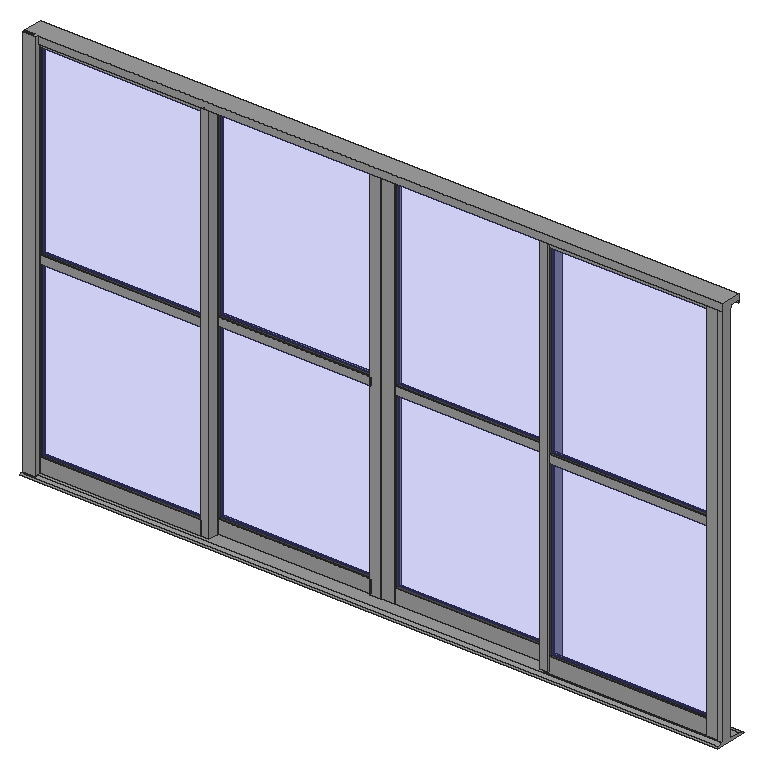
Revit family "MS-360-BIP-Door-CP", category Doors, Revit 2015
Parameters
  Wing Width [instance] = 3' - 0"
  Width [instance] = Center Wing Width * 2 + Wing Width * 2  # 12' - 0"
  URL = "obe.com"
  Offset [instance] = 0' - 0"
  Model = "MS-360-BIP-Door-CP"
  Min Wing Width [instance] = if(Wing Width > 3' 0", Wing Width, 3' 0")  # 3' - 0"
  Max Height [instance] = if(Height < 12' 0", Height, 12' 0")  # 7' - 0"
  Manufacturer = "Oldcastle BuildingEnvelope®"
  Keynote = "08 11 00"
  Height [instance] = 7' - 0"
  Description = "MS-360 - Multi-track Mall Slider - Bi-Parting"
  Center Wing Width [instance] = if(Wing Width > 3' 0", Wing Width, Min Wing Width)  # 3' - 0"
  Assembly Code = "B2030"
Reference planes (in)
  plane 1 "Front": y = 0
  plane 2: z = 0
  plane 3 "Center (Left/Right)": x = 0
  plane 4 "Left": x = -36
  plane 5 "Right": x = 36
  plane 6 "Top": z = 96
  plane 7: x = -72
  plane 8: x = 72
Text (in)
  text "Exterior" at (-54.29358, 31.38743, 0), in view "Ref. Level"
  text "Exterior" at (480, 41.53993, 89.60405), in view "Right"
  text "Exterior" at (-240, 57.82419, 105.78864), in view "Left"
Dimensions and locks (in)
  equal spacing: plane 4 "Left", plane 3 "Center (Left/Right)", plane 5 "Right"
  aligned and locked: level to plane 2
  aligned and locked: plane 3 "Center (Left/Right)" to nested 1
  aligned and locked: nested 1 to plane 1 "Front"
  aligned and locked: nested 1 to level
Nested families (in)
  nested 1: "MS-360-BIP-Door" at (0, 0, 0), Height <- "Height", Wing Width <- "Min Wing Width", Offset <- "Offset", type "MS-360-BIP-Door"
    with Wing Width 3' - 0", built-in parameter 1001301 12' - 0", Offset 0' - 0", Min Wing Width 3' - 0", Max Height 7' - 0", built-in parameter 1001300 7' - 0", Center Wing Width 3' - 0"
Definition of nested family "MS-360-BIP-Door"
  Parameters (values of type "MS-360-BIP-Door")
    Wing Width [instance] = 3' - 0"
    Width [instance] = Center Wing Width * 2 + Min Wing Width * 2  # 12' - 0"
    Pushbar Height = 3' - 5 1/4"  # constant formula
    Offset [instance] = 0' - 0"
    Min Wing Width [instance] = if(Wing Width > 3' 0", Wing Width, 3' 0")  # 3' - 0"
    Max Height [instance] = if(Height < 12' 0", Height, 12' 0")  # 7' - 0"
    Height [instance] = 7' - 0"
    Glass Material = none
    Gasket Material = none
    Frame Material = none
    Center Wing Width [instance] = if(Wing Width > 3' 0", Wing Width, Min Wing Width)  # 3' - 0"
  Reference planes (in)
    plane 1 "Center (Front/Back)": y = 0
    plane 2: z = 0
    plane 3 "Center (Left/Right)": x = 0
    plane 4 "Offset": y = 0
    plane 5: z = 84
    plane 6: z = 41.25
    plane 7: x = 36
    plane 8: x = -36
    plane 9: x = 72
    plane 10: x = -72
    plane 11: z = 3.406
    plane 12: z = 40.781
    plane 13: z = 41.843
    plane 14: z = 81.969
  Forms (in)
    Sweep 1, solid, material <- "Frame Material"
      path origin (0, 0, 0) x (-1, 0, 0) y (0, 0, 1)
        loop
          line (-74.15602, 0) -> (73.906, 0)
      profile origin (0.12501, 0, 0) x (0, 0, 1) y (0, 1, 0)
        loop
          line (0.5, 3.39618) -> (0.27143, 4.24923)
          arc (0.27143, 4.24923) -> (0.17106, 4.39943) -> (0, 4.4575) r 0.281
          line (0, 4.4575) -> (0, -2.3225)
          arc (0, -2.3225) -> (0.17106, -2.26443) -> (0.27143, -2.11423) r 0.281
          line (0.27143, -2.11423) -> (0.5, -1.26118) -> (0.5, 3.39618)
    Sweep 2, solid, material <- "Frame Material"
      path origin (0, 0, 0) x (-1, 0, 0) y (0, 0, 1)
        loop
          line (2.5625, 0) -> (36, 0)
      profile origin (-19.28125, 0, 0) x (0, 0, 1) y (0, 1, 0)
        loop
          line (3.688, 1.44922) -> (3.688, 2.01172) -> (3.406, 2.01172) -> (3.406, 2.26172) -> (3.688, 2.26172) -> (3.688, 2.82422) -> (0.688, 2.82422) -> (0.688, 1.44922) -> (3.688, 1.44922)
    Sweep 3, solid, material <- "Frame Material"
      path origin (0, 0, 0) x (-1, 0, 0) y (0, 0, 1)
        loop
          line (36.84401, 0) -> (71.156, 0)
      profile origin (-54.00001, 0, 0) x (0, 0, 1) y (0, 1, 0)
        loop
          line (3.688, 0.68922) -> (0.688, 0.68922) -> (0.688, -0.68578) -> (3.688, -0.68578) -> (3.688, -0.125) -> (3.406, -0.125) -> (3.406, 0.125) -> (3.688, 0.125) -> (3.688, 0.68922)
    Sweep 4, solid, material <- "Frame Material"
      path origin (0, 0, 0) x (-1, 0, 0) y (0, 0, 1)
        loop
          line (-72, 0) -> (-36, 0)
      profile origin (54, 0, 0) x (0, 0, 1) y (0, 1, 0)
        loop
          line (0.5, 0.6875) -> (0.5, -0.6875) -> (3.688, -0.6875) -> (3.688, -0.125) -> (3.406, -0.125) -> (3.406, 0.125) -> (3.688, 0.125) -> (3.688, 0.6875) -> (0.5, 0.6875)
    Sweep 5, solid, material <- "Frame Material"
      path origin (0, 0, 0) x (-1, 0, 0) y (0, 0, 1)
        loop
          line (-74.15602, 84) -> (73.906, 84)
      profile origin (0.12501, 0, 84) x (0, 0, 1) y (0, 1, 0)
        loop
          line (0, 3.2325) -> (-1.625, 3.2325) -> (-1.625, 3.1625) -> (-1.125, 3.1625) -> (-1.125, 1.1075) -> (-1.625, 1.1075) -> (-1.625, 1.0375) -> (-1.125, 1.0375) -> (-1.125, -1.0125) -> (-1.625, -1.0125) -> (-1.625, -1.0825) -> (0, -1.0825) -> (0, 3.2325)
    Sweep 6, solid, material <- "Frame Material"
      path origin (0, 0, 0) x (-1, 0, 0) y (0, 0, 1)
        loop
          line (-72, 84) -> (-36, 84)
      profile origin (54, 0, 84) x (0, 0, 1) y (0, 1, 0)
        loop
          line (-1.125, 0.9175) -> (-1.625, 0.9175) -> (-1.625, 0.6875) -> (-2.437, 0.6875) -> (-2.437, 0.125) -> (-2.031, 0.125) -> (-2.031, -0.125) -> (-2.437, -0.125) -> (-2.437, -0.6875) -> (-1.625, -0.6875) -> (-1.625, -0.9175) -> (-1.125, -0.9175) -> (-1.125, 0.9175)
    Sweep 7, solid, material <- "Frame Material"
      path origin (0, 0, 0) x (-1, 0, 0) y (0, 0, 1)
        loop
          line (-36, 84) -> (-0.31246, 84)
      profile origin (18.15623, 0, 84) x (0, 0, 1) y (0, 1, 0)
        loop
          line (-1.125, 3.05422) -> (-1.625, 3.05422) -> (-1.625, 2.82422) -> (-2.437, 2.82422) -> (-2.437, 2.26172) -> (-2.031, 2.26172) -> (-2.031, 2.01172) -> (-2.437, 2.01172) -> (-2.437, 1.44922) -> (-1.625, 1.44922) -> (-1.625, 1.21922) -> (-1.125, 1.21922) -> (-1.125, 3.05422)
    Sweep 8, solid, material <- "Frame Material"
      path origin (0, 0, 0) x (-1, 0, 0) y (0, 0, 1)
        loop
          line (36, 84) -> (72, 84)
      profile origin (-54, 0, 84) x (0, 0, 1) y (0, 1, 0)
        loop
          line (-1.125, 0.9175) -> (-1.625, 0.9175) -> (-1.625, 0.6875) -> (-2.437, 0.6875) -> (-2.437, 0.125) -> (-2.031, 0.125) -> (-2.031, -0.125) -> (-2.437, -0.125) -> (-2.437, -0.6875) -> (-1.625, -0.6875) -> (-1.625, -0.9175) -> (-1.125, -0.9175) -> (-1.125, 0.9175)
    Sweep 9, solid, material <- "Frame Material"
      path origin (0, 0, 0) x (-1, 0, 0) y (0, 0, 1)
        loop
          line (-72, 82.8125) -> (-72, 0.5)
      profile origin (72, 0, 41.65625) x (0, 1, 0) y (-1, 0, 0)
        loop
          line (0.125, 1) -> (-0.125, 1) -> (-0.125, 1.34401) -> (-0.695, 1.34401) -> (-0.695, 1.40602) -> (-0.75005, 1.40602) -> (-0.75005, -1.40601) -> (-0.62527, -1.40601) -> (-0.5675, -1.15579) -> (0.56267, -1.15579) -> (0.625, -0.90579) -> (0.75005, -0.90579) -> (0.75005, 1.40602) -> (0.69499, 1.40602) -> (0.69499, 1.34401) -> (0.125, 1.34401) -> (0.125, 1)
    Sweep 10, solid, material <- "Frame Material"
      path origin (0, 0, 0) x (-1, 0, 0) y (0, 0, 1)
        loop
          line (-72, 84) -> (-72, 0)
      profile origin (72, 0, 42) x (0, 1, 0) y (-1, 0, 0)
        loop
          line (0.62434, -1.03079) -> (0.56658, -1.28096) -> (0.36928, -1.28096) -> (-0.56305, -1.28096) -> (-0.62536, -1.5309) -> (-0.79998, -1.5309) -> (-0.79998, -1.03117) -> (-1.0001, -1.03117) -> (-1.0001, -2.15602) -> (0.99997, -2.15602) -> (0.99997, -1.03079) -> (0.62434, -1.03079)
    Sweep 11, solid, material <- "Frame Material"
      path origin (0, 0, 0) x (-1, 0, 0) y (0, 0, 1)
        loop
          line (72, 84) -> (72, 0)
      profile origin (-72, 0, 42) x (0, 1, 0) y (-1, 0, 0)
        loop
          line (-1.76, 1.906) -> (-1.76, -0.844) -> (-0.885, -0.844) -> (-0.885, 0.21895) -> (-1.01714, 0.21895) -> (-1.11786, -0.15695) -> (-1.385, -0.15695) -> (-1.385, 1.906) -> (-1.76, 1.906)
    Sweep 12, solid, material <- "Frame Material"
      path origin (0, 0, 0) x (-1, 0, 0) y (0, 0, 1)
        loop
          line (72, 82.875) -> (72, 0.688)
      profile origin (-72, 0, 41.7815) x (0, 1, 0) y (-1, 0, 0)
        loop
          line (0.75, -0.906) -> (0.75, 0.906) -> (-1.26118, 0.906) -> (-1.26118, -0.15695) -> (-1.11786, -0.15695) -> (-1.01714, 0.21895) -> (-0.75, 0.21895) -> (-0.75, -0.906) -> (-0.695, -0.906) -> (-0.695, -0.844) -> (-0.12328, -0.844) -> (-0.12328, -0.5) -> (0.12672, -0.5) -> (0.12672, -0.844) -> (0.695, -0.844) -> (0.695, -0.906) -> (0.75, -0.906)
    Sweep 13, solid, material <- "Frame Material"
      path origin (0, 0, 0) x (-1, 0, 0) y (0, 0, 1)
        loop
          line (36, 0.688) -> (36, 82.813)
      profile origin (-36, 0, 41.7505) x (1, 0, 0) y (0, 1, 0)
        loop
          line (0.90597, -0.75001) -> (0.90597, 1.24996) -> (-0.15695, 1.24996) -> (-0.15695, 1.11762) -> (0.2189, 1.01691) -> (0.2189, 0.74996) -> (-0.90605, 0.74996) -> (-0.90605, 0.69499) -> (-0.84401, 0.69499) -> (-0.84401, 0.125) -> (-0.5, 0.125) -> (-0.5, -0.125) -> (-0.84401, -0.125) -> (-0.84401, -0.69506) -> (-0.90605, -0.69506) -> (-0.90605, -0.75001) -> (0.90597, -0.75001)
    Sweep 14, solid, material <- "Frame Material"
      path origin (0, 0, 0) x (-1, 0, 0) y (0, 0, 1)
        loop
          line (36, 82.875) -> (36, 0.688)
      profile origin (-36, 0, 41.7815) x (0, 1, 0) y (-1, 0, 0)
        loop
          line (2.88673, 0.84403) -> (0.88676, 0.84403) -> (0.88676, -0.2189) -> (1.0191, -0.2189) -> (1.11981, 0.15696) -> (1.38676, 0.15696) -> (1.38676, -0.96799) -> (1.44173, -0.96799) -> (1.44173, -0.90596) -> (2.01172, -0.90596) -> (2.01172, -0.56194) -> (2.26172, -0.56194) -> (2.26172, -0.90596) -> (2.83178, -0.90596) -> (2.83178, -0.96799) -> (2.88673, -0.96799) -> (2.88673, 0.84403)
    Sweep 15, solid, material <- "Frame Material"
      path origin (0, 0, 0) x (1, 0, 0) y (0, 0, 1)
        loop
          line (36, 0.688) -> (36, 82.813)
      profile origin (36, 0, 41.7505) x (1, 0, 0) y (0, 1, 0)
        loop
          line (-0.90597, -0.75001) -> (0.90605, -0.75001) -> (0.90605, -0.69506) -> (0.84401, -0.69506) -> (0.84401, -0.125) -> (0.5, -0.125) -> (0.5, 0.125) -> (0.84401, 0.125) -> (0.84401, 0.69499) -> (0.90605, 0.69499) -> (0.90605, 0.74996) -> (-0.2189, 0.74996) -> (-0.2189, 1.01691) -> (0.15695, 1.11762) -> (0.15695, 1.24996) -> (-0.90597, 1.24996) -> (-0.90597, -0.75001)
    Sweep 16, solid, material <- "Frame Material"
      path origin (0, 0, 0) x (1, 0, 0) y (0, 0, 1)
        loop
          line (36, 82.875) -> (36, 0.688)
      profile origin (36, 0, 41.7815) x (0, 1, 0) y (-1, 0, 0)
        loop
          line (2.88673, -0.84403) -> (2.88673, 0.96799) -> (2.83178, 0.96799) -> (2.83178, 0.90596) -> (2.26172, 0.90596) -> (2.26172, 0.56194) -> (2.01172, 0.56194) -> (2.01172, 0.90596) -> (1.44173, 0.90596) -> (1.44173, 0.96799) -> (1.38676, 0.96799) -> (1.38676, -0.15696) -> (1.11981, -0.15696) -> (1.0191, 0.2189) -> (0.88676, 0.2189) -> (0.88676, -0.84403) -> (2.88673, -0.84403)
    Sweep 17, solid, material <- "Frame Material"
      path origin (0, 0, 0) x (-1, 0, 0) y (0, 0, 1)
        loop
          line (0, 82.375) -> (0, 0.6875)
      profile origin (0, 0, 41.53125) x (0, 1, 0) y (-1, 0, 0)
        loop
          line (2.26172, 2.21848) -> (2.01, 2.21848) -> (2.01, 2.5625) -> (1.44001, 2.5625) -> (1.44001, 2.6245) -> (1.38503, 2.6245) -> (1.38503, 0.31246) -> (1.51, 0.31246) -> (1.57195, 0.06246) -> (2.7031, 0.06246) -> (2.75997, -0.18757) -> (2.885, -0.18757) -> (2.885, 2.6245) -> (2.83004, 2.6245) -> (2.83004, 2.5625) -> (2.26172, 2.5625) -> (2.26172, 2.21848)
    Sweep 18, solid, material <- "Frame Material"
      path origin (0, 0, 0) x (1, 0, 0) y (0, 0, 1)
        loop
          line (0, 82.875) -> (0, 0.6875)
      profile origin (0, 0, 41.78125) x (0, 1, 0) y (-1, 0, 0)
        loop
          line (2.01, -2.21848) -> (2.26172, -2.21848) -> (2.26172, -2.5625) -> (2.83171, -2.5625) -> (2.83171, -2.6245) -> (2.88669, -2.6245) -> (2.88669, -0.31246) -> (2.76172, -0.31246) -> (2.69977, -0.06246) -> (1.56861, -0.06246) -> (1.51175, 0.18757) -> (1.38672, 0.18757) -> (1.38672, -2.6245) -> (1.44168, -2.6245) -> (1.44168, -2.5625) -> (2.01, -2.5625) -> (2.01, -2.21848)
    Sweep 19, solid, material <- "Frame Material"
      path origin (0, 0, 0) x (-1, 0, 0) y (0, 0, 1)
        loop
          line (0.06246, 84) -> (36, 84)
      profile origin (-18.03123, 0, 84) x (0, 0, 1) y (0, 1, 0)
        loop
          line (-1.125, 3.05422) -> (-1.625, 3.05422) -> (-1.625, 2.82422) -> (-2.437, 2.82422) -> (-2.437, 2.26172) -> (-2.031, 2.26172) -> (-2.031, 2.01172) -> (-2.437, 2.01172) -> (-2.437, 1.44922) -> (-1.625, 1.44922) -> (-1.625, 1.21922) -> (-1.125, 1.21922) -> (-1.125, 3.05422)
    Sweep 20, solid, material <- "Frame Material"
      path origin (0, 0, 0) x (-1, 0, 0) y (0, 0, 1)
        loop
          line (-35.09404, 0) -> (-2.5625, 0)
      profile origin (18.82827, 0, 0) x (0, 0, 1) y (0, 1, 0)
        loop
          line (3.688, 1.44922) -> (3.688, 2.01172) -> (3.406, 2.01172) -> (3.406, 2.26172) -> (3.688, 2.26172) -> (3.688, 2.82422) -> (0.688, 2.82422) -> (0.688, 1.44922) -> (3.688, 1.44922)
    Extrusion 21, solid, material <- "Glass Material"
      sketch origin (0, 0, 0) x (1, 0, 0) y (0, 1, 0)
        loop
          line (-71.5, 0.125) -> (-71.5, -0.125) -> (-36.5, -0.125) -> (-36.5, 0.125) -> (-71.5, 0.125)
      from 3.406 to 40.781
    Sweep 22, solid, material <- "Frame Material"
      path origin (0, 0, 0) x (-1, 0, 0) y (0, 0, 1)
        loop
          line (71.156, 41.25) -> (36.84401, 41.25)
      profile origin (-54.00001, 0, 41.25) x (0, 0, -1) y (0, 1, 0)
        loop
          line (-0.593, -0.125) -> (-0.875, -0.125) -> (-0.875, -0.6875) -> (0.875, -0.6875) -> (0.875, -0.125) -> (0.469, -0.125) -> (0.469, 0.125) -> (0.875, 0.125) -> (0.875, 0.6875) -> (-0.875, 0.6875) -> (-0.875, 0.125) -> (-0.593, 0.125) -> (-0.593, -0.125)
    Sweep 23, solid, material <- "Frame Material"
      path origin (0, 0, 0) x (-1, 0, 0) y (0, 0, 1)
        loop
          line (2.5625, 41.25) -> (35.09404, 41.25)
      profile origin (-18.82827, 0, 41.25) x (0, 0, 1) y (0, 1, 0)
        loop
          line (0.593, 2.01172) -> (0.593, 2.26172) -> (0.875, 2.26172) -> (0.875, 2.82422) -> (-0.875, 2.82422) -> (-0.875, 2.26172) -> (-0.469, 2.26172) -> (-0.469, 2.01172) -> (-0.875, 2.01172) -> (-0.875, 1.44922) -> (0.875, 1.44922) -> (0.875, 2.01172) -> (0.593, 2.01172)
    Sweep 24, solid, material <- "Frame Material"
      path origin (32, 0, 0) x (-1, 0, 0) y (0, 0, 1)
        loop
          line (-3.09404, 41.25) -> (29.4375, 41.25)
      profile origin (18.82827, 0, 41.25) x (0, 0, 1) y (0, 1, 0)
        loop
          line (0.593, 2.01172) -> (0.593, 2.26172) -> (0.875, 2.26172) -> (0.875, 2.82422) -> (-0.875, 2.82422) -> (-0.875, 2.26172) -> (-0.469, 2.26172) -> (-0.469, 2.01172) -> (-0.875, 2.01172) -> (-0.875, 1.44922) -> (0.875, 1.44922) -> (0.875, 2.01172) -> (0.593, 2.01172)
    Sweep 25, solid, material <- "Frame Material"
      path origin (66, 0, 0) x (-1, 0, 0) y (0, 0, 1)
        loop
          line (-6, 41.25) -> (30, 41.25)
      profile origin (54, 0, 41.25) x (0, 0, 1) y (0, 1, 0)
        loop
          line (0.593, -0.125) -> (0.593, 0.125) -> (0.875, 0.125) -> (0.875, 0.6875) -> (-0.875, 0.6875) -> (-0.875, 0.125) -> (-0.469, 0.125) -> (-0.469, -0.125) -> (-0.875, -0.125) -> (-0.875, -0.6875) -> (0.875, -0.6875) -> (0.875, -0.125) -> (0.593, -0.125)
    Extrusion 26, solid, material <- "Glass Material"
      sketch origin (0, 0, 0) x (1, 0, 0) y (0, 1, 0)
        loop
          line (-35.43806, 2.26172) -> (-35.43806, 2.01172) -> (-2.21848, 2.01172) -> (-2.21848, 2.26172) -> (-35.43806, 2.26172)
        loop
          line (2.21848, 2.26172) -> (2.21848, 2.01172) -> (35.43806, 2.01172) -> (35.43806, 2.26172) -> (2.21848, 2.26172)
      from 3.406 to 40.781
    Extrusion 27, solid, material <- "Glass Material"
      sketch origin (0, 0, 0) x (1, 0, 0) y (0, 1, 0)
        loop
          line (36.5, 0.125) -> (36.5, -0.125) -> (71, -0.125) -> (71, 0.125) -> (36.5, 0.125)
      from 3.406 to 40.781
    Extrusion 28, solid, material <- "Glass Material"
      sketch origin (0, 0, 0) x (1, 0, 0) y (0, 1, 0)
        loop
          line (-36.5, 0.125) -> (-71.5, 0.125) -> (-71.5, -0.125) -> (-36.5, -0.125) -> (-36.5, 0.125)
        loop
          line (71, 0.125) -> (36.5, 0.125) -> (36.5, -0.125) -> (71, -0.125) -> (71, 0.125)
      from 41.843 to 81.969
    Extrusion 29, solid, material <- "Glass Material"
      sketch origin (0, 0, 0) x (1, 0, 0) y (0, 1, 0)
        loop
          line (-2.21848, 2.26172) -> (-35.43806, 2.26172) -> (-35.43806, 2.01172) -> (-2.21848, 2.01172) -> (-2.21848, 2.26172)
        loop
          line (2.21848, 2.26172) -> (2.21848, 2.01172) -> (35.43806, 2.01172) -> (35.43806, 2.26172) -> (2.21848, 2.26172)
      from 41.843 to 81.969
    Sweep 30, solid, material <- "Gasket Material"
      path origin (0, 0, 0) x (-1, 0, 0) y (0, 0, 1)
        loop
          line (-71.0625, 81.969) -> (-71.0625, 41.71875) -> (-36.4375, 41.71875) -> (-36.4375, 81.969) -> (-71.0625, 81.969)
      profile origin (53.75, 0, 81.969) x (0, 0, 1) y (0, 1, 0)
        loop
          line (-0.406, 0.4435) -> (-0.54804, 0.125) -> (-0.406, 0.125) -> (-0.406, 0.4435)
        loop
          line (-0.54804, -0.125) -> (-0.406, -0.4435) -> (-0.406, -0.125) -> (-0.54804, -0.125)
    Sweep 31, solid, material <- "Gasket Material"
      path origin (0, 0, 0) x (-1, 0, 0) y (0, 0, 1)
        loop
          line (-35.5, 81.969) -> (-35.5, 41.71875) -> (-2.1565, 41.71875) -> (-2.1565, 81.969) -> (-35.5, 81.969)
      profile origin (18.82825, 0, 81.969) x (0, 0, 1) y (0, 1, 0)
        loop
          line (-0.406, 2.58022) -> (-0.54804, 2.26172) -> (-0.406, 2.26172) -> (-0.406, 2.58022)
        loop
          line (-0.54804, 2.01172) -> (-0.406, 1.69322) -> (-0.406, 2.01172) -> (-0.54804, 2.01172)
    Sweep 32, solid, material <- "Gasket Material"
      path origin (-37.65655, 0, 0) x (-1, 0, 0) y (0, 0, 1)
        loop
          line (-35.5, 81.969) -> (-35.5, 41.71875) -> (-2.1565, 41.71875) -> (-2.1565, 81.969) -> (-35.5, 81.969)
      profile origin (-18.8283, 0, 81.969) x (0, 0, 1) y (0, 1, 0)
        loop
          line (-0.406, 2.58022) -> (-0.54804, 2.26172) -> (-0.406, 2.26172) -> (-0.406, 2.58022)
        loop
          line (-0.54804, 2.01172) -> (-0.406, 1.69322) -> (-0.406, 2.01172) -> (-0.54804, 2.01172)
    Sweep 33, solid, material <- "Gasket Material"
      path origin (0, 0, 0) x (-1, 0, 0) y (0, 0, 1)
        loop
          line (36.43725, 81.969) -> (36.43725, 41.71875) -> (71.562, 41.71875) -> (71.562, 81.969) -> (36.43725, 81.969)
      profile origin (-53.99963, 0, 81.969) x (0, 0, 1) y (0, 1, 0)
        loop
          line (-0.406, 0.4435) -> (-0.54804, 0.125) -> (-0.406, 0.125) -> (-0.406, 0.4435)
        loop
          line (-0.54804, -0.125) -> (-0.406, -0.4435) -> (-0.406, -0.125) -> (-0.54804, -0.125)
    Sweep 34, solid, material <- "Gasket Material"
      path origin (0, 0, 0) x (-1, 0, 0) y (0, 0, 1)
        loop
          line (35.9685, 41.25) -> (35.9685, 2.81225) -> (72.03075, 2.81225) -> (72.03075, 41.25) -> (35.9685, 41.25)
      profile origin (-53.99963, 0, 41.25) x (0, 0, 1) y (0, 1, 0)
        loop
          line (-0.875, 0.4435) -> (-1.01704, 0.125) -> (-0.875, 0.125) -> (-0.875, 0.4435)
        loop
          line (-1.01704, -0.125) -> (-0.875, -0.4435) -> (-0.875, -0.125) -> (-1.01704, -0.125)
    Sweep 35, solid, material <- "Gasket Material"
      path origin (0, 0, 0) x (-1, 0, 0) y (0, 0, 1)
        loop
          line (1.6878, 41.25) -> (1.6878, 2.81225) -> (35.96879, 2.81225) -> (35.96879, 41.25) -> (1.6878, 41.25)
      profile origin (-18.8283, 0, 41.25) x (0, 0, 1) y (0, 1, 0)
        loop
          line (-0.875, 2.58022) -> (-1.01704, 2.26172) -> (-0.875, 2.26172) -> (-0.875, 2.58022)
        loop
          line (-1.01704, 2.01172) -> (-0.875, 1.69322) -> (-0.875, 2.01172) -> (-1.01704, 2.01172)
    Sweep 36, solid, material <- "Gasket Material"
      path origin (37.6563, 0, 0) x (-1, 0, 0) y (0, 0, 1)
        loop
          line (1.6878, 41.25) -> (1.6878, 2.81225) -> (35.96879, 2.81225) -> (35.96879, 41.25) -> (1.6878, 41.25)
      profile origin (18.828, 0, 41.25) x (0, 0, 1) y (0, 1, 0)
        loop
          line (-0.875, 2.58022) -> (-1.01704, 2.26172) -> (-0.875, 2.26172) -> (-0.875, 2.58022)
        loop
          line (-1.01704, 2.01172) -> (-0.875, 1.69322) -> (-0.875, 2.01172) -> (-1.01704, 2.01172)
    Sweep 37, solid, material <- "Gasket Material"
      path origin (107.4995, 0, 0) x (-1, 0, 0) y (0, 0, 1)
        loop
          line (35.9685, 41.25) -> (35.9685, 2.81225) -> (71.53075, 2.81225) -> (71.53075, 41.25) -> (35.9685, 41.25)
      profile origin (53.74987, 0, 41.25) x (0, 0, 1) y (0, 1, 0)
        loop
          line (-0.875, 0.4435) -> (-1.01704, 0.125) -> (-0.875, 0.125) -> (-0.875, 0.4435)
        loop
          line (-1.01704, -0.125) -> (-0.875, -0.4435) -> (-0.875, -0.125) -> (-1.01704, -0.125)
  Cuts and joins
    joined: Sweep 1, Sweep 5, Sweep 10, Sweep 11
    joined: Sweep 4, Sweep 6, Sweep 9, Sweep 15, Sweep 25
    joined: Sweep 7, Sweep 16, Sweep 18, Sweep 20, Sweep 24
    joined: Sweep 2, Sweep 14, Sweep 19, Sweep 23
    joined: Sweep 8, Sweep 12, Sweep 13, Sweep 22
  Dimensions and locks (in)
    "Offset": plane 4 "Offset" to plane 1 "Center (Front/Back)"
    "Pushbar Height": plane 6 to level
    "Max Height": plane 5 to level
    "Center Wing Width": plane 8 to plane 3 "Center (Left/Right)"
    "Center Wing Width": plane 3 "Center (Left/Right)" to plane 7
    "Min Wing Width": plane 10 to plane 8
    "Min Wing Width": plane 7 to plane 9
    equal spacing: plane 10, plane 3 "Center (Left/Right)", plane 9
    locked: Sweep 1 sketch curve to plane 9 at 2.15602
    locked: Sweep 5 sketch curve to plane 9 at 2.15602
    locked: Sweep 9 sketch curve to plane 5 at 1.1875
    locked: Sweep 1 sketch curve to plane 10 at 1.906
    locked: Sweep 5 sketch curve to plane 10 at 1.906
    locked: level to Sweep 12 sketch curve at 0.688
    locked: Sweep 12 sketch curve to plane 5 at 1.125
    locked: Sweep 13 sketch curve to plane 5 at 1.187
    locked: Sweep 14 sketch curve to plane 5 at 1.125
    locked: level to Sweep 14 sketch curve at 0.688
    locked: level to Sweep 13 sketch curve at 0.688
    locked: Sweep 15 sketch curve to plane 5 at 1.187
    locked: level to Sweep 15 sketch curve at 0.688
    locked: Sweep 16 sketch curve to plane 5 at 1.125
    locked: level to Sweep 16 sketch curve at 0.688
    locked: Sweep 17 sketch curve to plane 5 at 1.625
    locked: level to Sweep 17 sketch curve at 0.6875
    locked: Sweep 18 sketch curve to plane 5 at 1.125
    locked: level to Sweep 18 sketch curve at 0.6875
    locked: plane 3 "Center (Left/Right)" to Sweep 19 sketch curve at 0.06246
    locked: Sweep 7 sketch curve to plane 3 "Center (Left/Right)" at 0.31246
    locked: Sweep 20 sketch curve to plane 3 "Center (Left/Right)" at 2.5625
    locked: plane 3 "Center (Left/Right)" to Sweep 2 sketch curve at 2.5625
    locked: plane 10 to Extrusion 21 sketch curve at 0.5
    locked: Extrusion 21 sketch curve to plane 8 at 0.5
    Extrusion 21 sketch curve to plane 4 "Offset" to Extrusion 21 sketch curve = 0' - 0 1/8" locked, 0' - 0 1/8" locked
    locked: plane 11 to level at 3.406
    plane 13 to plane 6 to plane 12 = 0' - 0.593" locked, 0' - 0.469" locked
    locked: plane 3 "Center (Left/Right)" to Sweep 23 sketch curve at 2.5625
    locked: Sweep 24 sketch curve to plane 3 "Center (Left/Right)" at 2.5625
    Extrusion 26 sketch curve to Extrusion 26 sketch curve to plane 4 "Offset" = 0' - 0 1/4" locked, 0' - 2 3/256" locked  (x2)
    locked: plane 8 to Extrusion 26 sketch curve at 0.56194
    Extrusion 26 sketch curve to plane 3 "Center (Left/Right)" to Extrusion 26 sketch curve = 0' - 2.21848" locked, 0' - 2.21848" locked
    locked: Extrusion 26 sketch curve to plane 7 at 0.56194
    Extrusion 27 sketch curve to plane 4 "Offset" to Extrusion 27 sketch curve = 0' - 0 1/8" locked, 0' - 0 1/8" locked
    locked: Extrusion 27 sketch curve to plane 9 at 1
    locked: plane 7 to Extrusion 27 sketch curve at 0.5
    Extrusion 28 sketch curve to plane 4 "Offset" to Extrusion 28 sketch curve = 0' - 0 1/8" locked, 0' - 0 1/8" locked  (x2)
    locked: plane 10 to Extrusion 28 sketch curve at 0.5
    locked: Extrusion 28 sketch curve to plane 8 at 0.5
    locked: plane 7 to Extrusion 28 sketch curve at 0.5
    locked: Extrusion 28 sketch curve to plane 9 at 1
    locked: plane 5 to plane 14 at 2.031
    Extrusion 29 sketch curve to Extrusion 29 sketch curve to plane 4 "Offset" = 0' - 0 1/4" locked, 0' - 2 3/256" locked  (x2)
    locked: Extrusion 29 sketch curve to plane 7 at 0.56194
    Extrusion 29 sketch curve to plane 3 "Center (Left/Right)" to Extrusion 29 sketch curve = 0' - 2.21848" locked, 0' - 2.21848" locked
    locked: plane 8 to Extrusion 29 sketch curve at 0.56194
    locked: plane 6 to Sweep 30 sketch curve at 0.46875
    locked: Sweep 30 sketch curve to plane 7 at 0.4375
    locked: plane 9 to Sweep 30 sketch curve at 0.9375
    locked: plane 7 to Sweep 31 sketch curve at 0.5
    locked: Sweep 31 sketch curve to plane 3 "Center (Left/Right)" at 2.1565
    locked: plane 6 to Sweep 31 sketch curve at 0.46875
    locked: plane 8 to Sweep 32 sketch curve at 0.49996
    locked: plane 3 "Center (Left/Right)" to Sweep 32 sketch curve at 2.15655
    locked: plane 6 to Sweep 32 sketch curve at 0.46875
    locked: plane 10 to Sweep 33 sketch curve at 0.438
    locked: Sweep 33 sketch curve to plane 8 at 0.43725
    locked: level to Sweep 34 sketch curve at 2.81225
    locked: plane 8 to Sweep 34 sketch curve at 0.0315
    locked: Sweep 34 sketch curve to plane 10 at 0.03075
    locked: plane 8 to Sweep 35 sketch curve at 0.03121
    locked: level to Sweep 35 sketch curve at 2.81225
    locked: plane 3 "Center (Left/Right)" to Sweep 35 sketch curve at 1.6878
    locked: Sweep 36 sketch curve to plane 3 "Center (Left/Right)" at 1.6875
    locked: plane 7 to Sweep 36 sketch curve at 0.0315
    locked: level to Sweep 36 sketch curve at 2.81225
    locked: plane 7 to Sweep 37 sketch curve at 0.03125
    locked: plane 10 to Sweep 22 sketch curve at 0.844
    locked: Sweep 22 sketch curve to plane 8 at 0.84401
    locked: plane 10 to Sweep 3 sketch curve at 0.844
    locked: Sweep 3 sketch curve to plane 8 at 0.84401
    locked: plane 7 to Sweep 24 sketch curve at 0.90596
    locked: plane 8 to Sweep 23 sketch curve at 0.90596
    locked: plane 7 to Sweep 20 sketch curve at 0.90596
    aligned and locked: level to plane 2
    aligned and locked: Sweep 1 sketch curve to level
    aligned and locked: Sweep 2 sketch curve to level
    aligned and locked: Sweep 2 sketch curve to plane 8
    aligned and locked: Sweep 3 sketch curve to level
    aligned and locked: Sweep 4 sketch curve to level
    aligned and locked: plane 9 to Sweep 4 sketch curve
    aligned and locked: plane 7 to Sweep 4 sketch curve
    aligned and locked: Sweep 5 sketch curve to plane 5
    aligned and locked: Sweep 6 sketch curve to plane 5
    aligned and locked: plane 9 to Sweep 6 sketch curve
    aligned and locked: plane 7 to Sweep 6 sketch curve
    aligned and locked: Sweep 7 sketch curve to plane 5
    aligned and locked: plane 7 to Sweep 7 sketch curve
    aligned and locked: Sweep 8 sketch curve to plane 5
    aligned and locked: plane 10 to Sweep 8 sketch curve
    aligned and locked: plane 8 to Sweep 8 sketch curve
    aligned and locked: plane 9 to Sweep 9 sketch curve
    aligned and locked: plane 9 to Sweep 10 sketch curve
    aligned and locked: level to Sweep 10 sketch curve
    aligned and locked: plane 5 to Sweep 10 sketch curve
    aligned and locked: Sweep 11 sketch curve to plane 10
    aligned and locked: plane 5 to Sweep 11 sketch curve
    aligned and locked: level to Sweep 11 sketch curve
    aligned and locked: Sweep 12 sketch curve to plane 10
    aligned and locked: plane 8 to Sweep 13 sketch curve
    aligned and locked: Sweep 14 sketch curve to plane 8
    aligned and locked: Sweep 15 sketch curve to plane 7
    aligned and locked: plane 7 to Sweep 16 sketch curve
    aligned and locked: plane 3 "Center (Left/Right)" to Sweep 17 sketch curve
    aligned and locked: plane 3 "Center (Left/Right)" to Sweep 18 sketch curve
    aligned and locked: Sweep 19 sketch curve to plane 5
    aligned and locked: plane 8 to Sweep 19 sketch curve
    aligned and locked: Sweep 20 sketch curve to level
    aligned and locked: Extrusion 21 to plane 11
    aligned and locked: plane 12 to Extrusion 21
    aligned and locked: plane 6 to Sweep 22 sketch curve
    aligned and locked: Sweep 23 sketch curve to plane 6
    aligned and locked: Sweep 24 sketch curve to plane 6
    aligned and locked: Sweep 25 sketch curve to plane 6
    aligned and locked: plane 9 to Sweep 25 sketch curve
    aligned and locked: plane 7 to Sweep 25 sketch curve
    aligned and locked: Extrusion 26 to plane 11
    aligned and locked: plane 12 to Extrusion 26
    aligned and locked: Extrusion 27 to plane 11
    aligned and locked: plane 12 to Extrusion 27
    aligned and locked: Extrusion 28 to plane 13
    aligned and locked: plane 14 to Extrusion 28
    aligned and locked: Extrusion 29 to plane 13
    aligned and locked: plane 14 to Extrusion 29
    aligned and locked: plane 14 to Sweep 30 sketch curve
    aligned and locked: plane 14 to Sweep 31 sketch curve
    aligned and locked: plane 14 to Sweep 32 sketch curve
    aligned and locked: plane 14 to Sweep 33 sketch curve
    aligned and locked: Sweep 34 sketch curve to plane 6
    aligned and locked: Sweep 35 sketch curve to plane 6
    aligned and locked: Sweep 36 sketch curve to plane 6
    aligned and locked: Sweep 37 sketch curve to plane 6
  Automatic sketch dimensions
    profile plane to Sweep 1 sketch curve = 0' - 0"
    Sweep 1 sketch curve to profile plane = 0' - 0.27143"  (x2)
    Sweep 1 sketch curve to profile plane = 0' - 0 1/2"
    Sweep 1 sketch curve to plane 4 "Offset" = 0' - 2.3225"
    Sweep 1 sketch curve to Sweep 1 sketch curve = 0' - 0.20827"
    Sweep 1 sketch curve to Sweep 1 sketch curve = 0' - 0.85305"
    plane 4 "Offset" to Sweep 1 sketch curve = 0' - 3.39618"
    Sweep 1 sketch curve to Sweep 1 sketch curve = 0' - 0.78032"
    Sweep 1 sketch curve to Sweep 1 sketch curve = 0' - 0.07273"
    Sweep 2 sketch curve to profile plane = 0' - 0.688"
    Sweep 2 sketch curve to Sweep 2 sketch curve = 0' - 2.718"
    Sweep 2 sketch curve to Sweep 2 sketch curve = 0' - 0.282"  (x2)
    plane 4 "Offset" to Sweep 2 sketch curve = 0' - 1 115/256"
    Sweep 2 sketch curve to Sweep 2 sketch curve = 0' - 0 9/16"  (x2)
    Sweep 2 sketch curve to Sweep 2 sketch curve = 0' - 0 1/4"
    Sweep 3 sketch curve to profile plane = 0' - 0.688"
    Sweep 3 sketch curve to plane 4 "Offset" = 0' - 0 1/8"
    Sweep 3 sketch curve to Sweep 3 sketch curve = 0' - 2.718"
    Sweep 3 sketch curve to Sweep 3 sketch curve = 0' - 0.282"  (x2)
    Sweep 3 sketch curve to plane 4 "Offset" = 0' - 0.68578"
    plane 4 "Offset" to Sweep 3 sketch curve = 0' - 0 1/8"
    plane 4 "Offset" to Sweep 3 sketch curve = 0' - 0.68922"
    Sweep 4 sketch curve to profile plane = 0' - 0 1/2"
    plane 4 "Offset" to Sweep 4 sketch curve = 0' - 0 1/8"
    Sweep 4 sketch curve to Sweep 4 sketch curve = 0' - 2.906"
    Sweep 4 sketch curve to Sweep 4 sketch curve = 0' - 0.282"
    Sweep 4 sketch curve to Sweep 4 sketch curve = 0' - 0"
    Sweep 4 sketch curve to plane 4 "Offset" = 0' - 0 1/8"
    Sweep 4 sketch curve to plane 4 "Offset" = 0' - 0 11/16"
    Sweep 4 sketch curve to Sweep 4 sketch curve = 0' - 0 9/16"
    profile plane to Sweep 5 sketch curve = 0' - 0"
    profile plane to Sweep 5 sketch curve = 0' - 1 1/8"  (x2)
    Sweep 5 sketch curve to Sweep 5 sketch curve = 0' - 0 1/2"  (x3)
    Sweep 5 sketch curve to plane 4 "Offset" = 0' - 1.0825"
    Sweep 5 sketch curve to Sweep 5 sketch curve = 0' - 0.07"  (x3)
    plane 4 "Offset" to Sweep 5 sketch curve = 0' - 1.0375"
    Sweep 5 sketch curve to Sweep 5 sketch curve = 0' - 2.055"
    Sweep 6 sketch curve to plane 4 "Offset" = 0' - 0 1/8"
    profile plane to Sweep 6 sketch curve = 0' - 2.437"
    plane 4 "Offset" to Sweep 6 sketch curve = 0' - 0 1/8"
    Sweep 6 sketch curve to Sweep 6 sketch curve = 0' - 0"
    Sweep 6 sketch curve to Sweep 6 sketch curve = 0' - 0.406"
    Sweep 6 sketch curve to Sweep 6 sketch curve = 0' - 0.812"  (x2)
    Sweep 6 sketch curve to Sweep 6 sketch curve = 0' - 0 1/2"
    Sweep 6 sketch curve to plane 4 "Offset" = 0' - 0 11/16"
    Sweep 6 sketch curve to Sweep 6 sketch curve = 0' - 0.23"  (x2)
    Sweep 6 sketch curve to Sweep 6 sketch curve = 0' - 0 9/16"
    profile plane to Sweep 7 sketch curve = 0' - 2.437"
    Sweep 7 sketch curve to Sweep 7 sketch curve = 0' - 0"
    Sweep 7 sketch curve to Sweep 7 sketch curve = 0' - 0.406"
    Sweep 7 sketch curve to Sweep 7 sketch curve = 0' - 0.812"  (x2)
    Sweep 7 sketch curve to Sweep 7 sketch curve = 0' - 0 1/2"
    plane 4 "Offset" to Sweep 7 sketch curve = 0' - 1.21922"
    Sweep 7 sketch curve to Sweep 7 sketch curve = 0' - 0.23"  (x2)
    Sweep 7 sketch curve to Sweep 7 sketch curve = 0' - 0 9/16"  (x2)
    Sweep 7 sketch curve to Sweep 7 sketch curve = 0' - 0 1/4"
    Sweep 8 sketch curve to plane 4 "Offset" = 0' - 0 1/8"
    profile plane to Sweep 8 sketch curve = 0' - 2.437"
    plane 4 "Offset" to Sweep 8 sketch curve = 0' - 0 1/8"
    Sweep 8 sketch curve to Sweep 8 sketch curve = 0' - 0"
    Sweep 8 sketch curve to Sweep 8 sketch curve = 0' - 0.406"
    Sweep 8 sketch curve to Sweep 8 sketch curve = 0' - 0.812"  (x2)
    Sweep 8 sketch curve to Sweep 8 sketch curve = 0' - 0 1/2"
    Sweep 8 sketch curve to plane 4 "Offset" = 0' - 0 11/16"
    Sweep 8 sketch curve to Sweep 8 sketch curve = 0' - 0.23"  (x2)
    Sweep 8 sketch curve to Sweep 8 sketch curve = 0' - 0 9/16"
    level to Sweep 9 sketch curve = 0' - 0 1/2"
    Sweep 9 sketch curve to plane 4 "Offset" = 0' - 0.75005"
    Sweep 9 sketch curve to Sweep 9 sketch curve = 0' - 0.05506"
    Sweep 9 sketch curve to Sweep 9 sketch curve = 0' - 0.12478"
    Sweep 9 sketch curve to Sweep 9 sketch curve = 0' - 0.05777"
    Sweep 9 sketch curve to plane 4 "Offset" = 0' - 0 1/8"
    plane 4 "Offset" to Sweep 9 sketch curve = 0' - 0 1/8"
    plane 4 "Offset" to Sweep 9 sketch curve = 0' - 0.56267"
    Sweep 9 sketch curve to Sweep 9 sketch curve = 0' - 0.06233"
    Sweep 9 sketch curve to Sweep 9 sketch curve = 0' - 0.56999"
    Sweep 9 sketch curve to Sweep 9 sketch curve = 0' - 0.12505"
    profile plane to Sweep 9 sketch curve = 0' - 1.40601"
    Sweep 9 sketch curve to Sweep 9 sketch curve = 0' - 0.25022"
    Sweep 9 sketch curve to Sweep 9 sketch curve = 0' - 0 1/4"
    Sweep 9 sketch curve to profile plane = 0' - 1"
    Sweep 9 sketch curve to Sweep 9 sketch curve = 0' - 0.34401"
    Sweep 9 sketch curve to Sweep 9 sketch curve = 0' - 0"
    Sweep 9 sketch curve to Sweep 9 sketch curve = 0' - 0.06201"  (x2)
    Sweep 10 sketch curve to plane 4 "Offset" = 0' - 1.0001"
    Sweep 10 sketch curve to Sweep 10 sketch curve = 0' - 0.20012"
    Sweep 10 sketch curve to Sweep 10 sketch curve = 0' - 0.17462"
    Sweep 10 sketch curve to Sweep 10 sketch curve = 0' - 0.06232"
    plane 4 "Offset" to Sweep 10 sketch curve = 0' - 0.36928"
    Sweep 10 sketch curve to Sweep 10 sketch curve = 0' - 0.1973"
    Sweep 10 sketch curve to Sweep 10 sketch curve = 0' - 0.05776"
    Sweep 10 sketch curve to Sweep 10 sketch curve = 0' - 0.37563"
    profile plane to Sweep 10 sketch curve = 0' - 2.15602"
    Sweep 10 sketch curve to Sweep 10 sketch curve = 0' - 0.62512"
    Sweep 10 sketch curve to Sweep 10 sketch curve = 0' - 0.87506"
    Sweep 10 sketch curve to Sweep 10 sketch curve = 0' - 0.24979"
    Sweep 10 sketch curve to Sweep 10 sketch curve = 0' - 0.25017"
    profile plane to Sweep 11 sketch curve = 0' - 0.844"
    Sweep 11 sketch curve to plane 4 "Offset" = 0' - 1.76"
    profile plane to Sweep 11 sketch curve = 0' - 0.15695"
    Sweep 11 sketch curve to Sweep 11 sketch curve = 0' - 0 3/8"
    Sweep 11 sketch curve to Sweep 11 sketch curve = 0' - 0.26714"
    Sweep 11 sketch curve to Sweep 11 sketch curve = 0' - 0.10072"
    Sweep 11 sketch curve to Sweep 11 sketch curve = 0' - 0.23286"
    Sweep 11 sketch curve to profile plane = 0' - 0.21895"
    Sweep 11 sketch curve to Sweep 11 sketch curve = 0' - 1.68705"
    profile plane to Sweep 12 sketch curve = 0' - 0.15695"
    Sweep 12 sketch curve to plane 4 "Offset" = 0' - 1.26118"
    Sweep 12 sketch curve to Sweep 12 sketch curve = 0' - 0.14332"
    Sweep 12 sketch curve to profile plane = 0' - 0.21895"
    Sweep 12 sketch curve to Sweep 12 sketch curve = 0' - 0.10072"
    Sweep 12 sketch curve to Sweep 12 sketch curve = 0' - 0.26714"
    Sweep 12 sketch curve to Sweep 12 sketch curve = 0' - 0.055"
    Sweep 12 sketch curve to plane 4 "Offset" = 0' - 0.12328"
    plane 4 "Offset" to Sweep 12 sketch curve = 0' - 0.12672"
    Sweep 12 sketch curve to Sweep 12 sketch curve = 0' - 0.56828"
    plane 4 "Offset" to Sweep 12 sketch curve = 0' - 0 3/4"
    profile plane to Sweep 12 sketch curve = 0' - 0 1/2"
    Sweep 12 sketch curve to Sweep 12 sketch curve = 0' - 0.344"
    Sweep 12 sketch curve to Sweep 12 sketch curve = 0' - 0"
    Sweep 12 sketch curve to Sweep 12 sketch curve = 0' - 0.062"  (x2)
    Sweep 12 sketch curve to Sweep 12 sketch curve = 0' - 0.68705"
    profile plane to Sweep 13 sketch curve = 0' - 0.90605"  (x2)
    Sweep 13 sketch curve to plane 4 "Offset" = 0' - 0 1/8"
    Sweep 13 sketch curve to Sweep 13 sketch curve = 0' - 0.06204"  (x2)
    plane 4 "Offset" to Sweep 13 sketch curve = 0' - 0 1/8"
    Sweep 13 sketch curve to Sweep 13 sketch curve = 0' - 0.34401"
    profile plane to Sweep 13 sketch curve = 0' - 0.15695"
    Sweep 13 sketch curve to profile plane = 0' - 0.2189"
    Sweep 13 sketch curve to profile plane = 0' - 0.90597"
    Sweep 13 sketch curve to Sweep 13 sketch curve = 0' - 0.57006"
    Sweep 13 sketch curve to plane 4 "Offset" = 0' - 0 3/4"
    Sweep 13 sketch curve to Sweep 13 sketch curve = 0' - 0.56999"
    Sweep 13 sketch curve to Sweep 13 sketch curve = 0' - 0.05497"
    Sweep 13 sketch curve to Sweep 13 sketch curve = 0' - 0.26695"
    Sweep 13 sketch curve to Sweep 13 sketch curve = 0' - 0.10071"
    Sweep 13 sketch curve to Sweep 13 sketch curve = 0' - 0.23305"
    plane 4 "Offset" to Sweep 14 sketch curve = 0' - 0.88676"
    profile plane to Sweep 14 sketch curve = 0' - 0.2189"
    Sweep 14 sketch curve to Sweep 14 sketch curve = 0' - 0.13234"
    Sweep 14 sketch curve to profile plane = 0' - 0.15696"
    Sweep 14 sketch curve to Sweep 14 sketch curve = 0' - 0.10071"
    Sweep 14 sketch curve to Sweep 14 sketch curve = 0' - 0.26695"
    Sweep 14 sketch curve to Sweep 14 sketch curve = 0' - 0.05497"
    Sweep 14 sketch curve to Sweep 14 sketch curve = 0' - 0.56999"
    Sweep 14 sketch curve to Sweep 14 sketch curve = 0' - 0 1/4"
    Sweep 14 sketch curve to Sweep 14 sketch curve = 0' - 0.57006"
    Sweep 14 sketch curve to Sweep 14 sketch curve = 0' - 0.05495"
    profile plane to Sweep 14 sketch curve = 0' - 0.56194"
    Sweep 14 sketch curve to Sweep 14 sketch curve = 0' - 0.34401"
    Sweep 14 sketch curve to Sweep 14 sketch curve = 0' - 0"
    Sweep 14 sketch curve to Sweep 14 sketch curve = 0' - 0.06204"  (x2)
    Sweep 14 sketch curve to profile plane = 0' - 0.84403"
    profile plane to Sweep 15 sketch curve = 0' - 0.90597"
    profile plane to Sweep 15 sketch curve = 0' - 0.2189"
    Sweep 15 sketch curve to profile plane = 0' - 0.15695"
    plane 4 "Offset" to Sweep 15 sketch curve = 0' - 0 1/8"
    Sweep 15 sketch curve to profile plane = 0' - 0 1/2"
    Sweep 15 sketch curve to Sweep 15 sketch curve = 0' - 0.34401"
    Sweep 15 sketch curve to plane 4 "Offset" = 0' - 0 1/8"
    Sweep 15 sketch curve to Sweep 15 sketch curve = 0' - 0"
    Sweep 15 sketch curve to Sweep 15 sketch curve = 0' - 0.06204"  (x2)
    Sweep 15 sketch curve to Sweep 15 sketch curve = 0' - 0.57006"
    Sweep 15 sketch curve to plane 4 "Offset" = 0' - 0 3/4"
    Sweep 15 sketch curve to Sweep 15 sketch curve = 0' - 0.56999"
    Sweep 15 sketch curve to Sweep 15 sketch curve = 0' - 0.05497"
    Sweep 15 sketch curve to Sweep 15 sketch curve = 0' - 0.26695"
    Sweep 15 sketch curve to Sweep 15 sketch curve = 0' - 0.10071"
    Sweep 15 sketch curve to Sweep 15 sketch curve = 0' - 0.23305"
    plane 4 "Offset" to Sweep 16 sketch curve = 0' - 0.88676"
    Sweep 16 sketch curve to profile plane = 0' - 0.2189"
    Sweep 16 sketch curve to Sweep 16 sketch curve = 0' - 0.13234"
    profile plane to Sweep 16 sketch curve = 0' - 0.15696"
    Sweep 16 sketch curve to Sweep 16 sketch curve = 0' - 0.10071"
    Sweep 16 sketch curve to Sweep 16 sketch curve = 0' - 0.26695"
    Sweep 16 sketch curve to Sweep 16 sketch curve = 0' - 0.05497"
    Sweep 16 sketch curve to Sweep 16 sketch curve = 0' - 0.56999"
    Sweep 16 sketch curve to Sweep 16 sketch curve = 0' - 0 1/4"
    Sweep 16 sketch curve to Sweep 16 sketch curve = 0' - 0.57006"
    Sweep 16 sketch curve to Sweep 16 sketch curve = 0' - 0.05495"
    profile plane to Sweep 16 sketch curve = 0' - 0.84403"
    Sweep 16 sketch curve to profile plane = 0' - 0.56194"
    Sweep 16 sketch curve to Sweep 16 sketch curve = 0' - 0.34401"
    Sweep 16 sketch curve to Sweep 16 sketch curve = 0' - 0"
    Sweep 16 sketch curve to Sweep 16 sketch curve = 0' - 0.06204"  (x2)
    plane 4 "Offset" to Sweep 17 sketch curve = 0' - 1.38503"
    Sweep 17 sketch curve to Sweep 17 sketch curve = 0' - 0.05498"
    Sweep 17 sketch curve to profile plane = 0' - 0.31246"
    Sweep 17 sketch curve to Sweep 17 sketch curve = 0' - 0.12497"
    Sweep 17 sketch curve to profile plane = 0' - 0.06246"
    Sweep 17 sketch curve to Sweep 17 sketch curve = 0' - 0.06194"
    Sweep 17 sketch curve to Sweep 17 sketch curve = 0' - 0.56999"
    Sweep 17 sketch curve to Sweep 17 sketch curve = 0' - 0.25172"
    Sweep 17 sketch curve to Sweep 17 sketch curve = 0' - 1.13116"
    profile plane to Sweep 17 sketch curve = 0' - 0.18757"
    Sweep 17 sketch curve to Sweep 17 sketch curve = 0' - 0.05686"
    Sweep 17 sketch curve to Sweep 17 sketch curve = 0' - 0.56832"
    Sweep 17 sketch curve to Sweep 17 sketch curve = 0' - 0.12503"
    Sweep 17 sketch curve to Sweep 17 sketch curve = 0' - 1.90603"
    Sweep 17 sketch curve to Sweep 17 sketch curve = 0' - 0.34402"
    Sweep 17 sketch curve to Sweep 17 sketch curve = 0' - 0"
    Sweep 17 sketch curve to Sweep 17 sketch curve = 0' - 0.062"  (x2)
    Sweep 18 sketch curve to profile plane = 0' - 0.18757"
    plane 4 "Offset" to Sweep 18 sketch curve = 0' - 1 99/256"
    Sweep 18 sketch curve to Sweep 18 sketch curve = 0' - 0.05496"
    Sweep 18 sketch curve to Sweep 18 sketch curve = 0' - 0.12503"
    profile plane to Sweep 18 sketch curve = 0' - 0.06246"
    Sweep 18 sketch curve to Sweep 18 sketch curve = 0' - 0.05686"
    Sweep 18 sketch curve to Sweep 18 sketch curve = 0' - 0.56832"
    Sweep 18 sketch curve to Sweep 18 sketch curve = 0' - 0.25172"
    Sweep 18 sketch curve to Sweep 18 sketch curve = 0' - 1.13116"
    Sweep 18 sketch curve to Sweep 18 sketch curve = 0' - 0.06194"
    Sweep 18 sketch curve to Sweep 18 sketch curve = 0' - 0.56999"
    Sweep 18 sketch curve to Sweep 18 sketch curve = 0' - 0.05498"
    Sweep 18 sketch curve to Sweep 18 sketch curve = 0' - 0 1/4"
    Sweep 18 sketch curve to Sweep 18 sketch curve = 0' - 1.90603"
    Sweep 18 sketch curve to Sweep 18 sketch curve = 0' - 0.34402"  (x2)
    Sweep 18 sketch curve to Sweep 18 sketch curve = 0' - 0.062"  (x2)
    profile plane to Sweep 19 sketch curve = 0' - 2.437"
    Sweep 19 sketch curve to Sweep 19 sketch curve = 0' - 0"
    Sweep 19 sketch curve to Sweep 19 sketch curve = 0' - 0.406"
    Sweep 19 sketch curve to Sweep 19 sketch curve = 0' - 0.812"  (x2)
    Sweep 19 sketch curve to Sweep 19 sketch curve = 0' - 0 1/2"
    plane 4 "Offset" to Sweep 19 sketch curve = 0' - 1.21922"
    Sweep 19 sketch curve to Sweep 19 sketch curve = 0' - 0.23"  (x2)
    Sweep 19 sketch curve to Sweep 19 sketch curve = 0' - 0 9/16"  (x2)
    Sweep 19 sketch curve to Sweep 19 sketch curve = 0' - 0 1/4"
    Sweep 20 sketch curve to profile plane = 0' - 0.688"
    Sweep 20 sketch curve to Sweep 20 sketch curve = 0' - 2.718"
    Sweep 20 sketch curve to Sweep 20 sketch curve = 0' - 0.282"  (x2)
    plane 4 "Offset" to Sweep 20 sketch curve = 0' - 1 115/256"
    Sweep 20 sketch curve to Sweep 20 sketch curve = 0' - 0 9/16"  (x2)
    Sweep 20 sketch curve to Sweep 20 sketch curve = 0' - 0 1/4"
    plane 4 "Offset" to Sweep 22 sketch curve = 0' - 0 1/8"  (x2)
    profile plane to Sweep 22 sketch curve = 0' - 0 7/8"
    Sweep 22 sketch curve to Sweep 22 sketch curve = 0' - 0"
    Sweep 22 sketch curve to plane 4 "Offset" = 0' - 0 1/8"  (x2)
    Sweep 22 sketch curve to Sweep 22 sketch curve = 0' - 0.282"
    Sweep 22 sketch curve to profile plane = 0' - 0.469"
    Sweep 22 sketch curve to Sweep 22 sketch curve = 0' - 0.406"  (x2)
    Sweep 22 sketch curve to Sweep 22 sketch curve = 0' - 0 9/16"  (x2)
    profile plane to Sweep 23 sketch curve = 0' - 0 7/8"
    Sweep 23 sketch curve to Sweep 23 sketch curve = 0' - 0"
    Sweep 23 sketch curve to Sweep 23 sketch curve = 0' - 0.406"
    Sweep 23 sketch curve to profile plane = 0' - 0.593"
    Sweep 23 sketch curve to Sweep 23 sketch curve = 0' - 0.282"  (x2)
    plane 4 "Offset" to Sweep 23 sketch curve = 0' - 1 115/256"
    Sweep 23 sketch curve to Sweep 23 sketch curve = 0' - 0 9/16"  (x3)
    Sweep 23 sketch curve to Sweep 23 sketch curve = 0' - 0 1/4"  (x2)
    profile plane to Sweep 24 sketch curve = 0' - 0 7/8"
    Sweep 24 sketch curve to Sweep 24 sketch curve = 0' - 0"
    Sweep 24 sketch curve to Sweep 24 sketch curve = 0' - 0.406"
    Sweep 24 sketch curve to profile plane = 0' - 0.593"
    Sweep 24 sketch curve to Sweep 24 sketch curve = 0' - 0.282"  (x2)
    plane 4 "Offset" to Sweep 24 sketch curve = 0' - 1 115/256"
    Sweep 24 sketch curve to Sweep 24 sketch curve = 0' - 0 9/16"  (x3)
    Sweep 24 sketch curve to Sweep 24 sketch curve = 0' - 0 1/4"  (x2)
    Sweep 25 sketch curve to plane 4 "Offset" = 0' - 0 1/8"  (x2)
    profile plane to Sweep 25 sketch curve = 0' - 0 7/8"
    Sweep 25 sketch curve to Sweep 25 sketch curve = 0' - 0"
    Sweep 25 sketch curve to Sweep 25 sketch curve = 0' - 0.406"
    Sweep 25 sketch curve to profile plane = 0' - 0.593"
    plane 4 "Offset" to Sweep 25 sketch curve = 0' - 0 1/8"  (x2)
    Sweep 25 sketch curve to Sweep 25 sketch curve = 0' - 0.282"  (x2)
    Sweep 25 sketch curve to Sweep 25 sketch curve = 0' - 0 9/16"  (x2)
    Sweep 30 sketch curve to plane 4 "Offset" = 0' - 0 1/8"
    profile plane to Sweep 30 sketch curve = 0' - 0.54804"
    plane 4 "Offset" to Sweep 30 sketch curve = 0' - 0 1/8"
    Sweep 30 sketch curve to Sweep 30 sketch curve = 0' - 0"
    Sweep 30 sketch curve to Sweep 30 sketch curve = 0' - 0.14204"  (x2)
    Sweep 30 sketch curve to Sweep 30 sketch curve = 0' - 0.3185"  (x2)
    profile plane to Sweep 31 sketch curve = 0' - 0.54804"
    Sweep 31 sketch curve to Sweep 31 sketch curve = 0' - 0"
    Sweep 31 sketch curve to Sweep 31 sketch curve = 0' - 0.14204"  (x2)
    plane 4 "Offset" to Sweep 31 sketch curve = 0' - 1.69322"
    Sweep 31 sketch curve to Sweep 31 sketch curve = 0' - 0.3185"  (x2)
    Sweep 31 sketch curve to Sweep 31 sketch curve = 0' - 0 1/4"
    profile plane to Sweep 32 sketch curve = 0' - 0.54804"
    Sweep 32 sketch curve to Sweep 32 sketch curve = 0' - 0"
    Sweep 32 sketch curve to Sweep 32 sketch curve = 0' - 0.14204"  (x2)
    plane 4 "Offset" to Sweep 32 sketch curve = 0' - 1.69322"
    Sweep 32 sketch curve to Sweep 32 sketch curve = 0' - 0.3185"  (x2)
    Sweep 32 sketch curve to Sweep 32 sketch curve = 0' - 0 1/4"
    profile plane to Sweep 33 sketch curve = 0' - 0.54804"
    Sweep 33 sketch curve to Sweep 33 sketch curve = 0' - 0"
    Sweep 33 sketch curve to Sweep 33 sketch curve = 0' - 0.14204"  (x2)
    Sweep 33 sketch curve to profile plane = 0' - 0.4435"
    Sweep 33 sketch curve to Sweep 33 sketch curve = 0' - 0.3185"  (x2)
    Sweep 33 sketch curve to Sweep 33 sketch curve = 0' - 0 1/4"
    Sweep 34 sketch curve to plane 4 "Offset" = 0' - 0 1/8"
    profile plane to Sweep 34 sketch curve = 0' - 1.01704"
    plane 4 "Offset" to Sweep 34 sketch curve = 0' - 0 1/8"
    Sweep 34 sketch curve to Sweep 34 sketch curve = 0' - 0"
    Sweep 34 sketch curve to Sweep 34 sketch curve = 0' - 0.14204"  (x2)
    Sweep 34 sketch curve to Sweep 34 sketch curve = 0' - 0.3185"  (x2)
    profile plane to Sweep 35 sketch curve = 0' - 1.01704"
    Sweep 35 sketch curve to Sweep 35 sketch curve = 0' - 0"
    Sweep 35 sketch curve to Sweep 35 sketch curve = 0' - 0.14204"  (x2)
    plane 4 "Offset" to Sweep 35 sketch curve = 0' - 1.69322"
    Sweep 35 sketch curve to Sweep 35 sketch curve = 0' - 0.3185"  (x2)
    Sweep 35 sketch curve to Sweep 35 sketch curve = 0' - 0 1/4"
    profile plane to Sweep 36 sketch curve = 0' - 1.01704"
    Sweep 36 sketch curve to Sweep 36 sketch curve = 0' - 0"
    Sweep 36 sketch curve to Sweep 36 sketch curve = 0' - 0.14204"  (x2)
    plane 4 "Offset" to Sweep 36 sketch curve = 0' - 1.69322"
    Sweep 36 sketch curve to Sweep 36 sketch curve = 0' - 0.3185"  (x2)
    Sweep 36 sketch curve to Sweep 36 sketch curve = 0' - 0 1/4"
    Sweep 37 sketch curve to plane 9 = 0' - 0.46901"
    Sweep 37 sketch curve to plane 11 = 0' - 0 19/32"
    Sweep 37 sketch curve to plane 4 "Offset" = 0' - 0 1/8"
    profile plane to Sweep 37 sketch curve = 0' - 1.01704"
    plane 4 "Offset" to Sweep 37 sketch curve = 0' - 0 1/8"
    Sweep 37 sketch curve to Sweep 37 sketch curve = 0' - 0"
    Sweep 37 sketch curve to Sweep 37 sketch curve = 0' - 0.14204"  (x2)
    Sweep 37 sketch curve to Sweep 37 sketch curve = 0' - 0.3185"  (x2)
    plane 13 to Sweep 33 sketch curve = 0' - 0.12425"
